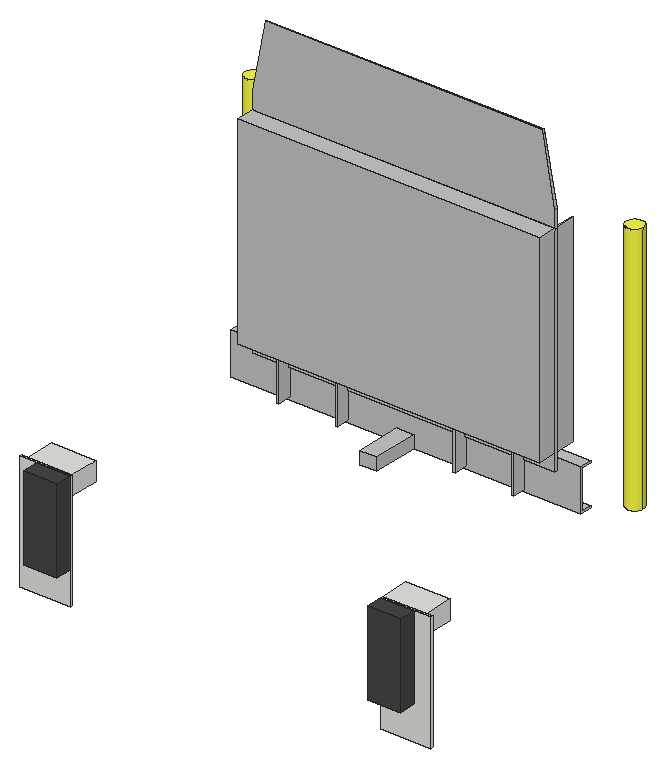
Revit family "RM VSL", category Generic Models, host Floor, Revit 2015
Parameters (values of type "6x5")
  URL = "https://www.entrematic.us/en/ent/entrematicus/"
  Type Comments = "Remote Motor, Pit Mount"
  PitWidth = LevelerWidth + 0' 5 1/2"  # 6' - 5 1/2"
  PitLength = 4' - 5 1/8"
  PitDepth = 0' - 10"
  Model = "VSL"
  Manufacturer = "Entrematic"
  LipTaper = LevelerWidth - 0' 6"  # 5' - 6"
  LipLength = 1' - 8"
  LevelerWidth = 6' - 0"
  LevelerLength = 4' - 4"
  Exclusion = LevelerWidth + 1' 4"  # 7' - 4"
  EmbedWidth = PitWidth + 0' 6"  # 6' - 11 1/2"
  Description = "Vertically Stored Leveler"
  Capacity = "40-50k"
  BumperPudWidth = 0' - 8"
  BumperPudHeight = 1' - 8"
  BumperProjection = 0' - 4"
  BumperPlateWidth = 1' - 0"
  BumperPlateHeight = 2' - 4"
  BumperDistance = LevelerWidth + 0' 2"  # 6' - 2"
  BumperBelowDock = 0' - 6"
  BollardHeight = 4' - 0"
Types (9): name | PitWidth | PitLength | PitDepth | LipTaper | LevelerWidth | LevelerLength | Exclusion | EmbedWidth | BumperDistance | BumperBelowDock | BollardHeight
  6x8 | 6' - 5 1/2" | 6' - 10 11/16" | 1' - 3" | 5' - 6" | 6' - 0" | 6' - 9 9/16" | 7' - 4" | 6' - 11 1/2" | 6' - 2" | 0' - 0" | 3' - 10"
  6x6 | 6' - 5 1/2" | 5' - 5 1/8" | 1' - 0" | 5' - 6" | 6' - 0" | 5' - 4" | 7' - 4" | 6' - 11 1/2" | 6' - 2" | 0' - 0" | 4' - 0"
  6x5 | 6' - 5 1/2" | 4' - 5 1/8" | 0' - 10" | 5' - 6" | 6' - 0" | 4' - 4" | 7' - 4" | 6' - 11 1/2" | 6' - 2" | 0' - 6" | 4' - 0"
  6.5x5 | 6' - 11 1/2" | 4' - 5 1/8" | 0' - 10" | 6' - 0" | 6' - 6" | 4' - 4" | 7' - 10" | 7' - 5 1/2" | 6' - 8" | 0' - 0" | 3' - 10"
  6.5x6 | 6' - 11 1/2" | 5' - 5 1/8" | 1' - 0" | 6' - 0" | 6' - 6" | 5' - 4" | 7' - 10" | 7' - 5 1/2" | 6' - 8" | 0' - 0" | 3' - 10"
  6.5x8 | 6' - 11 1/2" | 6' - 10 11/16" | 1' - 3" | 6' - 0" | 6' - 6" | 6' - 9 9/16" | 7' - 10" | 7' - 5 1/2" | 6' - 8" | 0' - 0" | 3' - 10"
  7x5 | 7' - 5 1/2" | 4' - 5 1/8" | 0' - 10" | 6' - 6" | 7' - 0" | 4' - 4" | 8' - 4" | 7' - 11 1/2" | 7' - 2" | 0' - 0" | 3' - 10"
  7x6 | 7' - 5 1/2" | 5' - 5 1/8" | 1' - 0" | 6' - 6" | 7' - 0" | 5' - 4" | 8' - 4" | 7' - 11 1/2" | 7' - 2" | 0' - 0" | 3' - 10"
  7x8 | 7' - 5 1/2" | 6' - 10 11/16" | 1' - 3" | 6' - 6" | 7' - 0" | 6' - 9 9/16" | 8' - 4" | 7' - 11 1/2" | 7' - 2" | 0' - 0" | 3' - 10"
Reference planes (in)
  plane 1 "Center (Front/Back)": y = 0
  plane 2: z = 0
  plane 3 "Center (Left/Right)": x = 0
  plane 4 "Edge of Dock": y = -60
  plane 5: x = 38.75
  plane 6: x = -38.75
  plane 7: x = -41.75
  plane 8: x = 41.75
  plane 9: y = -6.875
  plane 10: z = -10
  plane 11: z = -10.5
  plane 12: x = -37
  plane 13: x = 37
  plane 14: z = 49.12407
  plane 15: z = -2.87593
  plane 16: y = 8.125
  plane 17: y = -3.875
  plane 18: z = -6
  plane 19: z = -34
  plane 20: x = -49
  plane 21: x = 49
  plane 22: y = -60.5
  plane 23: z = -26
  plane 24: x = -45
  plane 25: x = 45
  plane 26: y = -64.5
  plane 27: y = -53
  plane 28: x = -47.5
  plane 29: x = 47.5
  plane 30: y = -7.25
  plane 31: z = 69.12407
  plane 32: x = -36
  plane 33: x = 36
  plane 34: z = -0.375
  plane 35: z = -9.625
  plane 36: y = -6.5
  plane 37: x = -33
  plane 38: x = 33
  plane 39: z = 53.12407
  plane 40: y = -1.875
  plane 41: y = -11.875
  plane 42: z = 1.12407
  plane 43: x = -35.625
  plane 44: x = 35.625
  plane 45: z = -10
  plane 46: z = -9.5
  plane 47: y = -9.875
  plane 48: y = -17.875
  plane 49: z = -7
  plane 50: x = 2
  plane 51: x = -2
  plane 52: x = 14.3125
  plane 53: x = 27.6875
  plane 54: x = 13.6875
  plane 55: x = 28.3125
  plane 56: x = -14.3125
  plane 57: x = -27.6875
  plane 58: x = -13.6875
  plane 59: x = -28.3125
  plane 60: x = -44
  plane 61: x = 44
  plane 62: y = 3.25
  plane 63: y = 4.6875
  plane 64: x = 45.4375
  plane 65: x = -45.4375
  plane 66: z = -12
  plane 67: z = 48
Forms (in)
  Extrusion 1, void
    sketch origin (0, 0, 0) x (0, 1, 0) y (0, 0, 1)
      loop
        line (-60, 0) -> (-60, -10.5) -> (-6.875, -10) -> (-6.875, 0) -> (-60, 0)
    from -38.75 to 38.75
  Extrusion 2, void
    sketch origin (0, 0, 0) x (0, 1, 0) y (0, 0, 1)
      loop
        line (-3.875, 0) -> (-6.875, 0) -> (-6.875, -10) -> (-3.875, -10) -> (-3.875, 0)
    from -41.75 to 41.75
  Extrusion 3, solid, material "Serco Gray"
    sketch origin (0, 0, 0) x (0, 1, 0) y (0, 0, 1)
      loop
        line (-6.875, 0) -> (-6.875, -10) -> (-3.875, -10) -> (-3.875, -9.625) -> (-6.5, -9.625) -> (-6.5, -0.375) -> (-3.875, -0.375) -> (-3.875, 0) -> (-6.875, 0)
    from -41.75 to 41.75
  Extrusion 4, solid, material "Steel"
    sketch origin (0, 0, 0) x (1, 0, 0) y (0, 0, 1)
      loop
        line (-37, -6) -> (-49, -6) -> (-49, -34) -> (-37, -34) -> (-37, -6)
      loop
        line (37, -6) -> (37, -34) -> (49, -34) -> (49, -6) -> (37, -6)
    from 60 to 60.5
  Extrusion 5, solid, material "Glossy - Black"
    sketch origin (0, 0, 0) x (1, 0, 0) y (0, 0, 1)
      loop
        line (-37, -6) -> (-45, -6) -> (-45, -26) -> (-37, -26) -> (-37, -6)
      loop
        line (37, -6) -> (37, -26) -> (45, -26) -> (45, -6) -> (37, -6)
    from 60.5 to 64.5
  Extrusion 6, solid, material "Steel"
    sketch origin (0, 0, 0) x (1, 0, 0) y (0, 1, 0)
      loop
        line (-37, -60) -> (-37, -53) -> (-47.5, -53) -> (-47.5, -60) -> (-37, -60)
      loop
        line (37, -60) -> (47.5, -60) -> (47.5, -53) -> (37, -53) -> (37, -60)
    from -10.5 to -6
  Extrusion 7, solid, material "Serco Diamond"
    sketch origin (0, 0, 0) x (0, 1, 0) y (0, 0, 1)
      loop
        line (-6.875, 49.12407) -> (-7.25, 49.12407) -> (-7.25, -2.87593) -> (-6.875, -2.87593) -> (-6.875, 49.12407)
    from -36 to 36
  Extrusion 8, solid, material "Serco Diamond"
    sketch origin (0, 0, 0) x (1, 0, 0) y (0, 0, 1)
      loop
        line (-36, 53.12407) -> (-36, 49.12407) -> (36, 49.12407) -> (36, 53.12407) -> (33, 69.12407) -> (-33, 69.12407) -> (-36, 53.12407)
    from 6.875 to 7.25
  Extrusion 9, solid, material "Serco Gray"
    sketch origin (0, 0, 0) x (1, 0, 0) y (0, 1, 0)
      loop
        line (-36, -6.875) -> (-35.625, -6.875) -> (-35.625, -1.875) -> (-36, -1.875) -> (-36, -6.875)
      loop
        line (35.625, -1.875) -> (35.625, -6.875) -> (36, -6.875) -> (36, -1.875) -> (35.625, -1.875)
    from 1.12407 to 49.12407
  Extrusion 10, solid, material "Serco Gray"
    sketch origin (0, 0, 0) x (0, 1, 0) y (0, 0, 1)
      loop
        line (-7.25, 49.12407) -> (-11.875, 49.12407) -> (-11.875, 1.12407) -> (-7.25, 1.12407) -> (-7.25, 49.12407)
    from -36 to 36
  Extrusion 11, solid, material "Serco Gray"
    sketch origin (0, 0, 0) x (0, 1, 0) y (0, 0, 1)
      loop
        line (-17.875, -7) -> (-17.875, -10) -> (-6.875, -10) -> (-6.875, -7) -> (-17.875, -7)
    from -2 to 2
  Extrusion 12, solid, material "Serco Gray"
    sketch origin (0, 0, 0) x (1, 0, 0) y (0, 0, 1)
      loop
        line (-28.3125, 0) -> (-28.3125, -9.5) -> (-27.6875, -9.5) -> (-27.6875, 0) -> (-28.3125, 0)
      loop
        line (-14.3125, 0) -> (-14.3125, -9.5) -> (-13.6875, -9.5) -> (-13.6875, 0) -> (-14.3125, 0)
      loop
        line (13.6875, 0) -> (13.6875, -9.5) -> (14.3125, -9.5) -> (14.3125, 0) -> (13.6875, 0)
      loop
        line (27.6875, 0) -> (27.6875, -9.5) -> (28.3125, -9.5) -> (28.3125, 0) -> (27.6875, 0)
    from 6.875 to 9.875
  Extrusion 13, solid, material "Safety Yellow"
    sketch origin (0, 0, 0) x (1, 0, 0) y (0, 1, 0)
      loop
        circle (-45.4375, 4.6875) r 2
      loop
        circle (45.4375, 4.6875) r 2
    from -12 to 48
Lines and regions (in)
  model lines
    curve 1: line (-44, 3.25, 0) -> (-44, -6.875, 0)
    curve 2: line (-44, -6.875, 0) -> (44, -6.875, 0)
    curve 3: line (44, -6.875, 0) -> (44, 3.25, 0)
    curve 4: line (44, 3.25, 0) -> (-44, 3.25, 0)
Dimensions and locks (in)
  equal spacing: host sketch curve, plane 1 "Center (Front/Back)", host sketch curve
  equal spacing: host sketch curve, plane 3 "Center (Left/Right)", host sketch curve
  host sketch curve to host sketch curve = 10' - 0"  (x2)
  "PitLength": plane 9 to plane 4 "Edge of Dock"
  equal spacing: plane 6, plane 3 "Center (Left/Right)", plane 5
  "PitWidth": plane 6 to plane 5
  equal spacing: plane 7, plane 3 "Center (Left/Right)", plane 8
  "EmbedWidth": plane 7 to plane 8
  locked: plane 11 to plane 10 at 0.5
  "PitDepth": plane 10 to level
  locked: level to plane 15 at 2.87593
  "LevelerLength": plane 14 to plane 15
  "BumperBelowDock": level to plane 18
  equal spacing: plane 13, plane 3 "Center (Left/Right)", plane 12
  "BumperDistance": plane 13 to plane 12
  "BumperPlateWidth": plane 20 to plane 12
  "BumperPlateWidth": plane 21 to plane 13
  "BumperPlateHeight": plane 18 to plane 19
  locked: plane 22 to plane 4 "Edge of Dock" at 0.5
  "BumperPudHeight": plane 18 to plane 23
  "BumperPudWidth": plane 12 to plane 24
  "BumperPudWidth": plane 25 to plane 13
  "BumperProjection": plane 26 to plane 22
  locked: plane 29 to plane 13 at 10.5
  locked: plane 28 to plane 12 at 10.5
  locked: plane 4 "Edge of Dock" to plane 27 at 7
  "LipLength": plane 31 to plane 14
  equal spacing: plane 33, plane 3 "Center (Left/Right)", plane 32
  "LevelerWidth": plane 33 to plane 32
  locked: plane 30 to plane 9 at 0.375
  locked: plane 9 to plane 17 at 3
  locked: level to plane 34 at 0.375
  locked: plane 35 to plane 10 at 0.375
  locked: plane 9 to plane 36 at 0.375
  equal spacing: plane 38, plane 3 "Center (Left/Right)", plane 37
  "LipTaper": plane 38 to plane 37
  locked: plane 39 to plane 14 at 4
  plane 14 to Extrusion 8 = 1' - 8"
  locked: plane 42 to Extrusion 7 at 4
  locked: plane 44 to plane 33 at 0.375
  locked: plane 43 to plane 32 at 0.375
  locked: plane 9 to plane 40 at 5
  locked: plane 41 to plane 9 at 5
  Extrusion 3 to plane 46 to plane 45 = 0' - 9 1/2" locked, 0' - 0 1/2" locked
  locked: plane 45 to plane 49 at 3
  plane 50 to plane 3 "Center (Left/Right)" to plane 51 = 0' - 2" locked, 0' - 2" locked
  locked: plane 48 to plane 9 at 11
  locked: plane 47 to plane 9 at 3
  locked: plane 54 to plane 3 "Center (Left/Right)" at 13.6875
  locked: plane 52 to plane 54 at 0.625
  locked: plane 55 to plane 53 at 0.625
  locked: plane 53 to plane 3 "Center (Left/Right)" at 27.6875
  locked: plane 58 to plane 3 "Center (Left/Right)" at 13.6875
  locked: plane 56 to plane 58 at 0.625
  locked: plane 59 to plane 57 at 0.625
  locked: plane 57 to plane 3 "Center (Left/Right)" at 27.6875
  Extrusion 12 sketch curve to Extrusion 12 sketch curve to Extrusion 12 sketch curve = 0' - 9 1/2", 0' - 0"
  equal spacing: plane 60, plane 3 "Center (Left/Right)", plane 61
  "Exclusion": plane 60 to plane 61
  locked: plane 62 to plane 30 at 10.5
  locked: plane 63 to plane 62 at 1.4375
  locked: plane 64 to plane 61 at 1.4375
  locked: plane 65 to plane 60 at 1.4375
  "BollardHeight": level to plane 67
  locked: plane 66 to level at 12
  radius of Extrusion 13 sketch curve = 0' - 2"  (x2)
  aligned and locked: level to plane 2
  aligned and locked: plane 4 "Edge of Dock" to host floor
  aligned and locked: level to Extrusion 1 sketch curve
  aligned and locked: Extrusion 1 sketch curve to plane 4 "Edge of Dock"
  aligned and locked: plane 10 to Extrusion 1 sketch curve
  aligned and locked: plane 11 to Extrusion 1 sketch curve
  aligned and locked: plane 4 "Edge of Dock" to Extrusion 1 sketch curve
  aligned and locked: plane 9 to Extrusion 1 sketch curve
  aligned and locked: plane 6 to Extrusion 1
  aligned and locked: Extrusion 1 to plane 5
  aligned and locked: plane 7 to Extrusion 2
  aligned and locked: Extrusion 2 to plane 8
  aligned and locked: plane 17 to Extrusion 3 sketch curve  (x2)
  aligned and locked: plane 7 to Extrusion 3
  aligned and locked: Extrusion 3 to plane 8
  aligned and locked: plane 12 to Extrusion 4 sketch curve
  aligned and locked: plane 13 to Extrusion 4 sketch curve
  aligned and locked: Extrusion 4 sketch curve to plane 18
  aligned and locked: plane 18 to Extrusion 4 sketch curve
  aligned and locked: plane 19 to Extrusion 4  (x2)
  aligned and locked: Extrusion 4 to plane 20
  aligned and locked: plane 21 to Extrusion 4
  aligned and locked: plane 22 to Extrusion 4
  aligned and locked: plane 4 "Edge of Dock" to Extrusion 4
  aligned and locked: Extrusion 5 sketch curve to plane 24
  aligned and locked: plane 23 to Extrusion 5 sketch curve
  aligned and locked: Extrusion 5 sketch curve to plane 23
  aligned and locked: plane 26 to Extrusion 5
  aligned and locked: Extrusion 5 to plane 22
  aligned and locked: Extrusion 6 sketch curve to plane 27  (x2)
  aligned and locked: Extrusion 6 sketch curve to plane 28
  aligned and locked: Extrusion 6 sketch curve to plane 29
  aligned and locked: Extrusion 6 to plane 11
  aligned and locked: Extrusion 6 to plane 18
  aligned and locked: plane 14 to Extrusion 7 sketch curve
  aligned and locked: plane 9 to Extrusion 7 sketch curve
  aligned and locked: Extrusion 7 sketch curve to plane 15
  aligned and locked: Extrusion 7 sketch curve to plane 30
  aligned and locked: Extrusion 7 to plane 32
  aligned and locked: plane 33 to Extrusion 7
  aligned and locked: level to Extrusion 3 sketch curve
  aligned and locked: Extrusion 3 sketch curve to plane 9
  aligned and locked: plane 10 to Extrusion 3 sketch curve
  aligned and locked: Extrusion 3 sketch curve to plane 34
  aligned and locked: Extrusion 3 sketch curve to plane 36
  aligned and locked: plane 17 to Extrusion 2 sketch curve
  aligned and locked: host floor to Extrusion 2 sketch curve
  aligned and locked: plane 10 to Extrusion 2 sketch curve
  aligned and locked: Extrusion 2 sketch curve to plane 9
  aligned and locked: plane 14 to Extrusion 8 sketch curve
  aligned and locked: Extrusion 8 sketch curve to plane 31
  aligned and locked: Extrusion 8 sketch curve to plane 38
  aligned and locked: Extrusion 8 sketch curve to plane 37
  aligned and locked: plane 9 to Extrusion 8
  aligned and locked: Extrusion 8 to plane 30
  aligned and locked: Extrusion 8 sketch curve to plane 33
  aligned and locked: Extrusion 8 sketch curve to plane 32
  aligned and locked: plane 39 to Extrusion 8 sketch curve  (x2)
  aligned and locked: Extrusion 9 sketch curve to Extrusion 7  (x2)
  aligned and locked: Extrusion 9 sketch curve to plane 43
  aligned and locked: plane 44 to Extrusion 9 sketch curve
  aligned and locked: Extrusion 9 to plane 9  (x2)
  aligned and locked: Extrusion 9 to plane 40  (x2)
  aligned and locked: Extrusion 9 to plane 42
  aligned and locked: plane 42 to Extrusion 9
  aligned and locked: plane 14 to Extrusion 9
  aligned and locked: Extrusion 10 sketch curve to plane 42
  aligned and locked: plane 30 to Extrusion 10 sketch curve
  aligned and locked: Extrusion 10 sketch curve to plane 41
  aligned and locked: plane 14 to Extrusion 10 sketch curve
  aligned and locked: Extrusion 10 to plane 32
  aligned and locked: plane 33 to Extrusion 10
  aligned and locked: plane 49 to Extrusion 11 sketch curve
  aligned and locked: plane 48 to Extrusion 11 sketch curve
  aligned and locked: Extrusion 11 sketch curve to plane 45
  aligned and locked: Extrusion 11 sketch curve to plane 9
  aligned and locked: plane 50 to Extrusion 11
  aligned and locked: Extrusion 11 to plane 51
  aligned and locked: plane 53 to Extrusion 12 sketch curve
  aligned and locked: plane 54 to Extrusion 12 sketch curve
  aligned and locked: Extrusion 12 sketch curve to plane 52
  aligned and locked: Extrusion 12 sketch curve to plane 58
  aligned and locked: Extrusion 12 sketch curve to plane 56
  aligned and locked: Extrusion 12 sketch curve to plane 57
  aligned and locked: Extrusion 12 sketch curve to plane 59
  aligned and locked: plane 9 to Extrusion 12
  aligned and locked: Extrusion 12 to plane 47
  aligned and locked: plane 46 to Extrusion 12  (x4)
  aligned and locked: level to Extrusion 12  (x4)
  aligned and locked: Extrusion 13 sketch curve to plane 63
  aligned and locked: plane 64 to Extrusion 13 sketch curve
  aligned and locked: Extrusion 13 sketch curve to plane 65
  aligned and locked: plane 63 to Extrusion 13 sketch curve
  aligned and locked: Extrusion 13 to plane 67
  aligned and locked: plane 66 to Extrusion 13
  aligned and locked: text3d elem to Extrusion 9
  aligned and locked: text3d elem to plane 3 "Center (Left/Right)"
  aligned and locked: Extrusion 5 sketch curve to plane 18
  aligned and locked: plane 18 to Extrusion 5 sketch curve
  aligned and locked: plane 12 to Extrusion 5
  aligned and locked: Extrusion 5 to plane 13
Automatic sketch dimensions
  Extrusion 3 sketch curve to plane 10 = 0' - 0 3/8"
  Extrusion 4 sketch curve to plane 20 = 0' - 0"
  Extrusion 4 sketch curve to plane 21 = 0' - 0"
  Extrusion 4 sketch curve to plane 19 = 0' - 0"  (x2)
  Extrusion 6 sketch curve to plane 12 = 0' - 0"
  Extrusion 6 sketch curve to plane 4 "Edge of Dock" = 0' - 0"  (x2)
  Extrusion 6 sketch curve to plane 13 = 0' - 0"
  Extrusion 9 sketch curve to plane 9 = 0' - 0"  (x2)
  Extrusion 9 sketch curve to plane 40 = 0' - 0"  (x2)
  plane 15 to Extrusion 12 sketch curve = 0' - 2.87593"  (x3)
  Extrusion 12 sketch curve to plane 55 = 0' - 0"
  Extrusion 12 sketch curve to plane 46 = 0' - 0"  (x3)
  curve 2 to plane 9 = 0' - 0"
  curve 2 to plane 60 = 0' - 0"
  curve 4 to plane 61 = 0' - 0"
  curve 1 to plane 62 = 0' - 0"
  Extrusion 5 sketch curve to plane 12 = 0' - 0"
  Extrusion 5 sketch curve to plane 13 = 0' - 0"
  Extrusion 5 sketch curve to plane 25 = 0' - 0"
